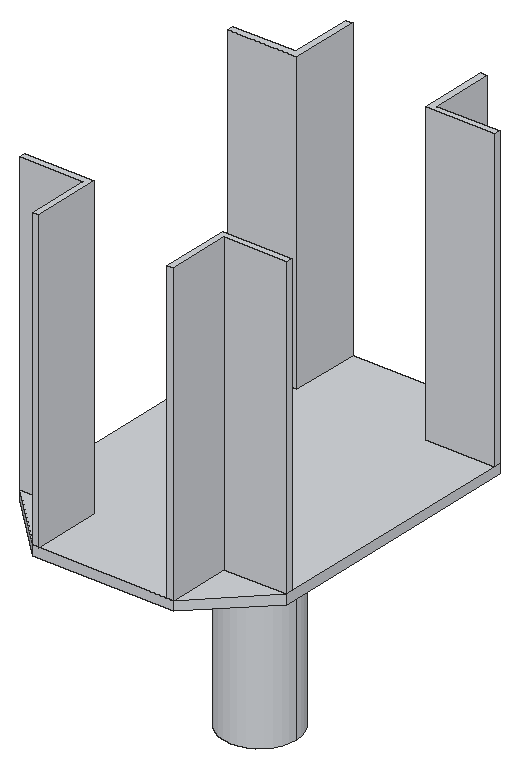
Revit family "U-Head for props-34mm", category Structural Stiffeners, Revit 2020
Family settings
  Work Plane-Based = No
  Always vertical = Yes
  Cut with Voids When Loaded = No
  Shared = No
Parameters
  U_Head_Material = none
  Lock_Distance [instance] = 225 mm
  Default Elevation = 0 mm
Reference planes
  plane 1 "Center (Front/Back)": y = 0
  plane 2: z = 0
  plane 3 "Center (Left/Right)": x = 0
  plane 4: z = -225
Forms (mm)
  Extrusion 1, solid
    sketch origin (0, 0, 0) x (1, 0, 0) y (0, 1, 0)
      loop
        line (45, 125) -> (-45, 125) -> (-85, 85) -> (-85, -85) -> (-45, -125) -> (45, -125) -> (85, -85) -> (85, 85) -> (45, 125)
    from -79 to -73
  Extrusion 2, solid
    sketch origin (0, 0, 0) x (1, 0, 0) y (0, 1, 0)
      loop
        line (-85, 85) -> (-85, 81) -> (-41, 81) -> (-41, 125) -> (-45, 125) -> (-45, 85) -> (-85, 85)
    from -73 to 117
  Extrusion 3, solid
    sketch origin (0, 0, 0) x (-1, 0, 0) y (0, -1, 0)
      loop
        line (-85, -85) -> (-45, -85) -> (-45, -125) -> (-41, -125) -> (-41, -81) -> (-85, -81) -> (-85, -85)
    from -73 to 117
  Extrusion 4, solid
    sketch origin (0, 0, 0) x (1, 0, 0) y (0, 1, 0)
      loop
        line (-85, -85) -> (-45, -85) -> (-45, -125) -> (-41, -125) -> (-41, -81) -> (-85, -81) -> (-85, -85)
    from -73 to 117
  Extrusion 5, solid
    sketch origin (0, 0, 0) x (-1, 0, 0) y (0, -1, 0)
      loop
        line (-85, 85) -> (-85, 81) -> (-41, 81) -> (-41, 125) -> (-45, 125) -> (-45, 85) -> (-85, 85)
    from -73 to 117
  Extrusion 6, solid
    sketch origin (0, 0, 0) x (1, 0, 0) y (0, 1, 0)
      loop
        circle (0, 0) r 23.5
      loop
        circle (0, 0) r 16.5
    from -215 to -79
Lines and regions (mm)
  symbolic lines
    curve 1: line (0, -95.731, -209.5) -> (0, -95.731, -219.5)
    curve 2: line (0, 95.731, -209.5) -> (0, 95.731, -219.5)
  symbolic lines, style "StructuralStiffenerHiddenLines"
    curve 3: line (-92.5, 0, -73) -> (92.5, 0, -73)
Dimensions and locks
  "Lock_Distance": plane 4 to level
  angle nested 1 to nested 1 = 131.845°
  aligned and locked: level to plane 2
Automatic sketch dimensions
  curve 1 to plane 4 = 5.5 mm
  plane 1 "Center (Front/Back)" to curve 1 = 95.731 mm
  curve 2 to plane 4 = 5.5 mm
  curve 2 to plane 1 "Center (Front/Back)" = 95.731 mm
  curve 2 to curve 2 = 10 mm
  curve 1 to curve 1 = 10 mm
  curve 3 to plane 3 "Center (Left/Right)" = 92.5 mm
  curve 3 to level = 73 mm
  plane 3 "Center (Left/Right)" to curve 3 = 92.5 mm
  Extrusion 1 sketch curve to plane 3 "Center (Left/Right)" = 85 mm
  Extrusion 1 sketch curve to plane 3 "Center (Left/Right)" = 45 mm  (x2)
  plane 3 "Center (Left/Right)" to Extrusion 1 sketch curve = 45 mm  (x2)
  Extrusion 1 sketch curve to Extrusion 1 sketch curve = 40 mm  (x4)
  plane 1 "Center (Front/Back)" to Extrusion 1 sketch curve = 125 mm
  Extrusion 1 sketch curve to plane 1 "Center (Front/Back)" = 85 mm  (x2)
  Extrusion 2 sketch curve to plane 3 "Center (Left/Right)" = 85 mm
  Extrusion 2 sketch curve to Extrusion 2 sketch curve = 40 mm  (x2)
  Extrusion 2 sketch curve to Extrusion 2 sketch curve = 4 mm  (x2)
  Extrusion 2 sketch curve to plane 1 "Center (Front/Back)" = 81 mm
  Extrusion 3 sketch curve to plane 3 "Center (Left/Right)" = 85 mm
  Extrusion 3 sketch curve to Extrusion 3 sketch curve = 40 mm  (x2)
  Extrusion 3 sketch curve to Extrusion 3 sketch curve = 4 mm  (x2)
  plane 1 "Center (Front/Back)" to Extrusion 3 sketch curve = 81 mm
  plane 3 "Center (Left/Right)" to Extrusion 4 sketch curve = 85 mm
  Extrusion 4 sketch curve to Extrusion 4 sketch curve = 40 mm  (x2)
  Extrusion 4 sketch curve to Extrusion 4 sketch curve = 4 mm  (x2)
  Extrusion 4 sketch curve to plane 1 "Center (Front/Back)" = 81 mm
  plane 3 "Center (Left/Right)" to Extrusion 5 sketch curve = 85 mm
  Extrusion 5 sketch curve to Extrusion 5 sketch curve = 40 mm  (x2)
  Extrusion 5 sketch curve to Extrusion 5 sketch curve = 4 mm  (x2)
  plane 1 "Center (Front/Back)" to Extrusion 5 sketch curve = 81 mm
  Extrusion 6 sketch curve to Extrusion 6 sketch curve = 0 mm  (x2)
  plane 1 "Center (Front/Back)" to Extrusion 6 sketch curve = 0 mm
  Extrusion 6 sketch curve to plane 3 "Center (Left/Right)" = 0 mm
  radius of Extrusion 6 sketch curve = 23.5 mm
  radius of Extrusion 6 sketch curve = 16.5 mm
Nested families
  nested 1: "Screw" at (0, 115.349, -685.028) x (0, -1, 0) z (1, 0, 0), type "Screw"
Definition of nested family "Screw"
  Reference planes
    plane 1 "Center (Front/Back)": y = 0
    plane 2: z = 0
    plane 3 "Center (Left/Right)": x = 0
    plane 4 "Right": x = 12.7
    plane 5: y = 82.55
    plane 6: y = -31.75
    plane 7: y = 50.8
